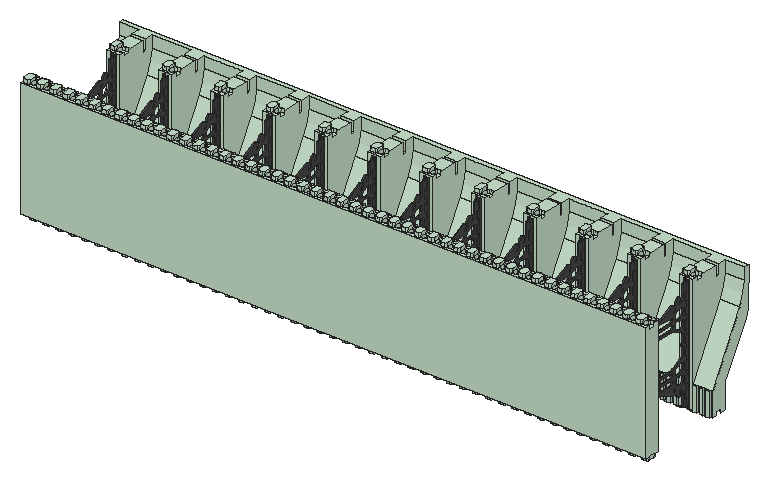
Revit family (continued)
Nested families (in)
  nested 79: "Interlock Tooth" at (21, -12.875, -18.5), type "Interlock Tooth"
  nested 80: "Interlock Tooth" at (23, -12.875, -18.5), type "Interlock Tooth"
  nested 81: "Interlock Tooth" at (25, -12.875, -18.5), type "Interlock Tooth"
  nested 82: "Interlock Tooth" at (27, -12.875, -18.5), type "Interlock Tooth"
  nested 83: "Interlock Tooth" at (29, -12.875, -18.5), type "Interlock Tooth"
  nested 84: "Interlock Tooth" at (31, -12.875, -18.5), type "Interlock Tooth"
  nested 85: "Interlock Tooth" at (33, -12.875, -18.5), type "Interlock Tooth"
  nested 86: "Interlock Tooth" at (35, -12.875, -18.5), type "Interlock Tooth"
  nested 87: "Interlock Tooth" at (37, -12.875, -18.5), type "Interlock Tooth"
  nested 88: "Interlock Tooth" at (39, -12.875, -18.5), type "Interlock Tooth"
  nested 89: "Interlock Tooth" at (41, -12.875, -18.5), type "Interlock Tooth"
  nested 90: "Interlock Tooth" at (43, -12.875, -18.5), type "Interlock Tooth"
  nested 91: "Interlock Tooth" at (45, -12.875, -18.5), type "Interlock Tooth"
  nested 92: "Interlock Tooth" at (47, -12.875, -18.5), type "Interlock Tooth"
  nested 93: "Interlock Tooth" at (49, -12.875, -18.5), type "Interlock Tooth"
  nested 94: "Interlock Tooth" at (51, -12.875, -18.5), type "Interlock Tooth"
  nested 95: "Interlock Tooth" at (53, -12.875, -18.5), type "Interlock Tooth"
  nested 96: "Interlock Tooth" at (55, -12.875, -18.5), type "Interlock Tooth"
  nested 97: "Interlock Tooth" at (57, -12.875, -18.5), type "Interlock Tooth"
  nested 98: "Interlock Tooth" at (59, -12.875, -18.5), type "Interlock Tooth"
  nested 99: "Interlock Tooth" at (61, -12.875, -18.5), type "Interlock Tooth"
  nested 100: "Interlock Tooth" at (63, -12.875, -18.5), type "Interlock Tooth"
  nested 101: "Interlock Tooth" at (65, -12.875, -18.5), type "Interlock Tooth"
  nested 102: "Interlock Tooth" at (67, -12.875, -18.5), type "Interlock Tooth"
  nested 103: "Interlock Tooth" at (69, -12.875, -18.5), type "Interlock Tooth"
  nested 104: "Interlock Tooth" at (71, -12.875, -18.5), type "Interlock Tooth"
  nested 105: "Interlock Tooth" at (73, -12.875, -18.5), type "Interlock Tooth"
  nested 106: "Interlock Tooth" at (75, -12.875, -18.5), type "Interlock Tooth"
  nested 107: "Interlock Tooth" at (77, -12.875, -18.5), type "Interlock Tooth"
  nested 108: "Interlock Tooth" at (79, -12.875, -18.5), type "Interlock Tooth"
  nested 109: "Interlock Tooth" at (81, -12.875, -18.5), type "Interlock Tooth"
  nested 110: "Interlock Tooth" at (83, -12.875, -18.5), type "Interlock Tooth"
  nested 111: "Interlock Tooth" at (85, -12.875, -18.5), type "Interlock Tooth"
  nested 112: "Interlock Tooth" at (87, -12.875, -18.5), type "Interlock Tooth"
  nested 113: "Interlock Tooth" at (89, -12.875, -18.5), type "Interlock Tooth"
  nested 114: "Interlock Tooth" at (91, -12.875, -18.5), type "Interlock Tooth"
  nested 115: "Interlock Tooth" at (93, -12.875, -18.5), type "Interlock Tooth"
  nested 116: "Interlock Tooth" at (95, -12.875, -18.5), type "Interlock Tooth"
  nested 117: "Interlock Tooth" at (0, 0, -18.5), type "Interlock Tooth"
  nested 118: "Interlock Tooth" at (2, 0, -18.5), type "Interlock Tooth"
  nested 119: "Interlock Tooth" at (4, 0, -18.5), type "Interlock Tooth"
  nested 120: "Interlock Tooth" at (6, 0, -18.5), type "Interlock Tooth"
  nested 121: "Interlock Tooth" at (8, 0, -18.5), type "Interlock Tooth"
  nested 122: "Interlock Tooth" at (10, 0, -18.5), type "Interlock Tooth"
  nested 123: "Interlock Tooth" at (12, 0, -18.5), type "Interlock Tooth"
  nested 124: "Interlock Tooth" at (14, 0, -18.5), type "Interlock Tooth"
  nested 125: "Interlock Tooth" at (16, 0, -18.5), type "Interlock Tooth"
  nested 126: "Interlock Tooth" at (18, 0, -18.5), type "Interlock Tooth"
  nested 127: "Interlock Tooth" at (20, 0, -18.5), type "Interlock Tooth"
  nested 128: "Interlock Tooth" at (22, 0, -18.5), type "Interlock Tooth"
  nested 129: "Interlock Tooth" at (24, 0, -18.5), type "Interlock Tooth"
  nested 130: "Interlock Tooth" at (26, 0, -18.5), type "Interlock Tooth"
  nested 131: "Interlock Tooth" at (28, 0, -18.5), type "Interlock Tooth"
  nested 132: "Interlock Tooth" at (30, 0, -18.5), type "Interlock Tooth"
  nested 133: "Interlock Tooth" at (32, 0, -18.5), type "Interlock Tooth"
  nested 134: "Interlock Tooth" at (34, 0, -18.5), type "Interlock Tooth"
  nested 135: "Interlock Tooth" at (36, 0, -18.5), type "Interlock Tooth"
  nested 136: "Interlock Tooth" at (38, 0, -18.5), type "Interlock Tooth"
  nested 137: "Interlock Tooth" at (40, 0, -18.5), type "Interlock Tooth"
  nested 138: "Interlock Tooth" at (42, 0, -18.5), type "Interlock Tooth"
  nested 139: "Interlock Tooth" at (44, 0, -18.5), type "Interlock Tooth"
  nested 140: "Interlock Tooth" at (46, 0, -18.5), type "Interlock Tooth"
  nested 141: "Interlock Tooth" at (48, 0, -18.5), type "Interlock Tooth"
  nested 142: "Interlock Tooth" at (50, 0, -18.5), type "Interlock Tooth"
  nested 143: "Interlock Tooth" at (52, 0, -18.5), type "Interlock Tooth"
  nested 144: "Interlock Tooth" at (54, 0, -18.5), type "Interlock Tooth"
  nested 145: "Interlock Tooth" at (56, 0, -18.5), type "Interlock Tooth"
  nested 146: "Interlock Tooth" at (58, 0, -18.5), type "Interlock Tooth"
  nested 147: "Interlock Tooth" at (60, 0, -18.5), type "Interlock Tooth"
  nested 148: "Interlock Tooth" at (62, 0, -18.5), type "Interlock Tooth"
  nested 149: "Interlock Tooth" at (64, 0, -18.5), type "Interlock Tooth"
  nested 150: "Interlock Tooth" at (66, 0, -18.5), type "Interlock Tooth"
  nested 151: "Interlock Tooth" at (68, 0, -18.5), type "Interlock Tooth"
  nested 152: "Interlock Tooth" at (70, 0, -18.5), type "Interlock Tooth"
  nested 153: "Interlock Tooth" at (72, 0, -18.5), type "Interlock Tooth"
  nested 154: "Interlock Tooth" at (74, 0, -18.5), type "Interlock Tooth"
  nested 155: "Interlock Tooth" at (76, 0, -18.5), type "Interlock Tooth"
  nested 156: "Interlock Tooth" at (78, 0, -18.5), type "Interlock Tooth"
  nested 157: "Interlock Tooth" at (80, 0, -18.5), type "Interlock Tooth"
  nested 158: "Interlock Tooth" at (82, 0, -18.5), type "Interlock Tooth"
  nested 159: "Interlock Tooth" at (84, 0, -18.5), type "Interlock Tooth"
  nested 160: "Interlock Tooth" at (86, 0, -18.5), type "Interlock Tooth"
  nested 161: "Interlock Tooth" at (88, 0, -18.5), type "Interlock Tooth"
  nested 162: "Interlock Tooth" at (90, 0, -18.5), type "Interlock Tooth"
  nested 163: "Interlock Tooth" at (92, 0, -18.5), type "Interlock Tooth"
  nested 164: "Interlock Tooth" at (94, 0, -18.5), type "Interlock Tooth"
  nested 165: "Interlock Tooth" at (0, 0, 0), type "Interlock Tooth", not visible
  nested 166: "Interlock Tooth" at (2, 0, 0), type "Interlock Tooth", not visible
  nested 167: "Interlock Tooth" at (4, 0, 0), type "Interlock Tooth", not visible
  nested 168: "Interlock Tooth" at (6, 0, 0), type "Interlock Tooth", not visible
  nested 169: "Interlock Tooth" at (8, 0, 0), type "Interlock Tooth", not visible
  nested 170: "Interlock Tooth" at (10, 0, 0), type "Interlock Tooth", not visible
  nested 171: "Interlock Tooth" at (12, 0, 0), type "Interlock Tooth", not visible
  nested 172: "Interlock Tooth" at (14, 0, 0), type "Interlock Tooth", not visible
  nested 173: "Interlock Tooth" at (16, 0, 0), type "Interlock Tooth", not visible
  nested 174: "Interlock Tooth" at (18, 0, 0), type "Interlock Tooth", not visible
  nested 175: "Interlock Tooth" at (20, 0, 0), type "Interlock Tooth", not visible
  nested 176: "Interlock Tooth" at (22, 0, 0), type "Interlock Tooth", not visible
  nested 177: "Interlock Tooth" at (24, 0, 0), type "Interlock Tooth", not visible
  nested 178: "Interlock Tooth" at (26, 0, 0), type "Interlock Tooth", not visible
  nested 179: "Interlock Tooth" at (28, 0, 0), type "Interlock Tooth", not visible
  nested 180: "Interlock Tooth" at (30, 0, 0), type "Interlock Tooth", not visible
  nested 181: "Interlock Tooth" at (32, 0, 0), type "Interlock Tooth", not visible
  nested 182: "Interlock Tooth" at (34, 0, 0), type "Interlock Tooth", not visible
  nested 183: "Interlock Tooth" at (36, 0, 0), type "Interlock Tooth", not visible
  nested 184: "Interlock Tooth" at (38, 0, 0), type "Interlock Tooth", not visible
  nested 185: "Interlock Tooth" at (40, 0, 0), type "Interlock Tooth", not visible
  nested 186: "Interlock Tooth" at (42, 0, 0), type "Interlock Tooth", not visible
  nested 187: "Interlock Tooth" at (44, 0, 0), type "Interlock Tooth", not visible
  nested 188: "Interlock Tooth" at (46, 0, 0), type "Interlock Tooth", not visible
  nested 189: "Interlock Tooth" at (48, 0, 0), type "Interlock Tooth", not visible
  nested 190: "Interlock Tooth" at (50, 0, 0), type "Interlock Tooth", not visible
  nested 191: "Interlock Tooth" at (52, 0, 0), type "Interlock Tooth", not visible
  nested 192: "Interlock Tooth" at (54, 0, 0), type "Interlock Tooth", not visible
  nested 193: "Interlock Tooth" at (56, 0, 0), type "Interlock Tooth", not visible
  nested 194: "Interlock Tooth" at (58, 0, 0), type "Interlock Tooth", not visible
  nested 195: "Interlock Tooth" at (60, 0, 0), type "Interlock Tooth", not visible
  nested 196: "Interlock Tooth" at (62, 0, 0), type "Interlock Tooth", not visible
  nested 197: "Interlock Tooth" at (64, 0, 0), type "Interlock Tooth", not visible
  nested 198: "Interlock Tooth" at (66, 0, 0), type "Interlock Tooth", not visible
  nested 199: "Interlock Tooth" at (68, 0, 0), type "Interlock Tooth", not visible
  nested 200: "Interlock Tooth" at (70, 0, 0), type "Interlock Tooth", not visible
  nested 201: "Interlock Tooth" at (72, 0, 0), type "Interlock Tooth", not visible
  nested 202: "Interlock Tooth" at (74, 0, 0), type "Interlock Tooth", not visible
  nested 203: "Interlock Tooth" at (76, 0, 0), type "Interlock Tooth", not visible
  nested 204: "Interlock Tooth" at (78, 0, 0), type "Interlock Tooth", not visible
  nested 205: "Interlock Tooth" at (80, 0, 0), type "Interlock Tooth", not visible
  nested 206: "Interlock Tooth" at (82, 0, 0), type "Interlock Tooth", not visible
  nested 207: "Interlock Tooth" at (84, 0, 0), type "Interlock Tooth", not visible
  nested 208: "Interlock Tooth" at (86, 0, 0), type "Interlock Tooth", not visible
  nested 209: "Interlock Tooth" at (88, 0, 0), type "Interlock Tooth", not visible
  nested 210: "Interlock Tooth" at (90, 0, 0), type "Interlock Tooth", not visible
  nested 211: "Interlock Tooth" at (92, 0, 0), type "Interlock Tooth", not visible
  nested 212: "Interlock Tooth" at (94, 0, 0), type "Interlock Tooth", not visible
  nested 213: "Interlock Tooth" at (1, 8.875, 0), type "Interlock Tooth", not visible
  nested 214: "Interlock Tooth" at (3, 8.875, 0), type "Interlock Tooth", not visible
  nested 215: "Interlock Tooth" at (5, 8.875, 0), type "Interlock Tooth", not visible
  nested 216: "Interlock Tooth" at (7, 8.875, 0), type "Interlock Tooth", not visible
  nested 217: "Interlock Tooth" at (9, 8.875, 0), type "Interlock Tooth", not visible
  nested 218: "Interlock Tooth" at (11, 8.875, 0), type "Interlock Tooth", not visible
  nested 219: "Interlock Tooth" at (13, 8.875, 0), type "Interlock Tooth", not visible
  nested 220: "Interlock Tooth" at (15, 8.875, 0), type "Interlock Tooth", not visible
  nested 221: "Interlock Tooth" at (17, 8.875, 0), type "Interlock Tooth", not visible
  nested 222: "Interlock Tooth" at (19, 8.875, 0), type "Interlock Tooth", not visible
  nested 223: "Interlock Tooth" at (21, 8.875, 0), type "Interlock Tooth", not visible
  nested 224: "Interlock Tooth" at (23, 8.875, 0), type "Interlock Tooth", not visible
  nested 225: "Interlock Tooth" at (25, 8.875, 0), type "Interlock Tooth", not visible
  nested 226: "Interlock Tooth" at (27, 8.875, 0), type "Interlock Tooth", not visible
  nested 227: "Interlock Tooth" at (29, 8.875, 0), type "Interlock Tooth", not visible
  nested 228: "Interlock Tooth" at (31, 8.875, 0), type "Interlock Tooth", not visible
  nested 229: "Interlock Tooth" at (33, 8.875, 0), type "Interlock Tooth", not visible
  nested 230: "Interlock Tooth" at (35, 8.875, 0), type "Interlock Tooth", not visible
  nested 231: "Interlock Tooth" at (37, 8.875, 0), type "Interlock Tooth", not visible
  nested 232: "Interlock Tooth" at (39, 8.875, 0), type "Interlock Tooth", not visible
  nested 233: "Interlock Tooth" at (41, 8.875, 0), type "Interlock Tooth", not visible
  nested 234: "Interlock Tooth" at (43, 8.875, 0), type "Interlock Tooth", not visible
  nested 235: "Interlock Tooth" at (45, 8.875, 0), type "Interlock Tooth", not visible
  nested 236: "Interlock Tooth" at (47, 8.875, 0), type "Interlock Tooth", not visible
  nested 237: "Interlock Tooth" at (49, 8.875, 0), type "Interlock Tooth", not visible
  nested 238: "Interlock Tooth" at (51, 8.875, 0), type "Interlock Tooth", not visible
  nested 239: "Interlock Tooth" at (53, 8.875, 0), type "Interlock Tooth", not visible
  nested 240: "Interlock Tooth" at (55, 8.875, 0), type "Interlock Tooth", not visible
  nested 241: "Interlock Tooth" at (57, 8.875, 0), type "Interlock Tooth", not visible
  nested 242: "Interlock Tooth" at (59, 8.875, 0), type "Interlock Tooth", not visible
  nested 243: "Interlock Tooth" at (61, 8.875, 0), type "Interlock Tooth", not visible
  nested 244: "Interlock Tooth" at (63, 8.875, 0), type "Interlock Tooth", not visible
  nested 245: "Interlock Tooth" at (65, 8.875, 0), type "Interlock Tooth", not visible
  nested 246: "Interlock Tooth" at (67, 8.875, 0), type "Interlock Tooth", not visible
  nested 247: "Interlock Tooth" at (69, 8.875, 0), type "Interlock Tooth", not visible
  nested 248: "Interlock Tooth" at (71, 8.875, 0), type "Interlock Tooth", not visible
  nested 249: "Interlock Tooth" at (73, 8.875, 0), type "Interlock Tooth", not visible
  nested 250: "Interlock Tooth" at (75, 8.875, 0), type "Interlock Tooth", not visible
  nested 251: "Interlock Tooth" at (77, 8.875, 0), type "Interlock Tooth", not visible
  nested 252: "Interlock Tooth" at (79, 8.875, 0), type "Interlock Tooth", not visible
  nested 253: "Interlock Tooth" at (81, 8.875, 0), type "Interlock Tooth", not visible
  nested 254: "Interlock Tooth" at (83, 8.875, 0), type "Interlock Tooth", not visible
  nested 255: "Interlock Tooth" at (85, 8.875, 0), type "Interlock Tooth", not visible
  nested 256: "Interlock Tooth" at (87, 8.875, 0), type "Interlock Tooth", not visible
  nested 257: "Interlock Tooth" at (89, 8.875, 0), type "Interlock Tooth", not visible
  nested 258: "Interlock Tooth" at (91, 8.875, 0), type "Interlock Tooth", not visible
  nested 259: "Interlock Tooth" at (93, 8.875, 0), type "Interlock Tooth", not visible
  nested 260: "Interlock Tooth" at (95, 8.875, 0), type "Interlock Tooth", not visible
  nested 261: "NUDURA Logo Diamond" at (0, -9.625, 0), type "NUDURA Logo Diamond"
  nested 262: "NUDURA Logo Diamond" at (24, -9.625, 0), type "NUDURA Logo Diamond"
  nested 263: "NUDURA Logo Diamond" at (48, -9.625, 0), type "NUDURA Logo Diamond"
  nested 264: "NUDURA Logo Diamond" at (72, -9.625, 0), type "NUDURA Logo Diamond"
  nested 265: "NUDURA Brick Ledge Diamond Pattern" at (88, 11.25, 0), type "NUDURA Brick Ledge Diamond Pattern"
  nested 266: "NUDURA Brick Ledge Diamond Pattern" at (80, 11.25, 0), type "NUDURA Brick Ledge Diamond Pattern"
  nested 267: "NUDURA Brick Ledge Diamond Pattern" at (72, 11.25, 0), type "NUDURA Brick Ledge Diamond Pattern"
  nested 268: "NUDURA Brick Ledge Diamond Pattern" at (64, 11.25, 0), type "NUDURA Brick Ledge Diamond Pattern"
  nested 269: "NUDURA Brick Ledge Diamond Pattern" at (56, 11.25, 0), type "NUDURA Brick Ledge Diamond Pattern"
  nested 270: "NUDURA Brick Ledge Diamond Pattern" at (48, 11.25, 0), type "NUDURA Brick Ledge Diamond Pattern"
  nested 271: "NUDURA Brick Ledge Diamond Pattern" at (40, 11.25, 0), type "NUDURA Brick Ledge Diamond Pattern"
  nested 272: "NUDURA Brick Ledge Diamond Pattern" at (32, 11.25, 0), type "NUDURA Brick Ledge Diamond Pattern"
  nested 273: "NUDURA Brick Ledge Diamond Pattern" at (24, 11.25, 0), type "NUDURA Brick Ledge Diamond Pattern"
  nested 274: "NUDURA Brick Ledge Diamond Pattern" at (16, 11.25, 0), type "NUDURA Brick Ledge Diamond Pattern"
  nested 275: "NUDURA Brick Ledge Diamond Pattern" at (8, 11.25, 0), type "NUDURA Brick Ledge Diamond Pattern"
  nested 276: "NUDURA Brick Ledge Diamond Pattern" at (0, 11.25, 0), type "NUDURA Brick Ledge Diamond Pattern"
  nested 277: "10-inch Insert Web" at (4, -2, 0), type "10-inch Insert Web"
  nested 278: "10-inch Insert Web" at (12, -2, 0), type "10-inch Insert Web"
  nested 279: "10-inch Insert Web" at (20, -2, 0), type "10-inch Insert Web"
  nested 280: "10-inch Insert Web" at (28, -2, 0), type "10-inch Insert Web"
  nested 281: "10-inch Insert Web" at (36, -2, 0), type "10-inch Insert Web"
  nested 282: "10-inch Insert Web" at (44, -2, 0), type "10-inch Insert Web"
  nested 283: "10-inch Insert Web" at (52, -2, 0), type "10-inch Insert Web"
  nested 284: "10-inch Insert Web" at (68, -2, 0), type "10-inch Insert Web"
  nested 285: "10-inch Insert Web" at (76, -2, 0), type "10-inch Insert Web"
  nested 286: "10-inch Insert Web" at (60, -2, 0), type "10-inch Insert Web"
  nested 287: "10-inch Insert Web" at (84, -2, 0), type "10-inch Insert Web"
  nested 288: "10-inch Insert Web" at (92, -2, 0), type "10-inch Insert Web"
Definition of nested family "Interlock Tooth"
  Reference planes (in)
    plane 1 "Center (Front/Back)": y = 0
    plane 2: z = 0
    plane 3 "Center (Left/Right)": x = 0
    plane 4: z = 18
    plane 5: z = 18.5
    plane 6: z = -0.5
  Forms (in)
    Extrusion 1, solid, material "NUDURA Expanded Polystyrene Foam Insulation"
      sketch origin (0, -8.875, 0) x (1, 0, 0) y (0, 1, 0)
        loop
          arc (0, 3.97692) -> (0.04785, 3.82983) -> (0.17308, 3.73905) r 0.25
          arc (0.17308, 3.73905) -> (0.5, 3.6875) -> (0.82692, 3.73905) r 1.0625
          arc (0.82692, 3.73905) -> (0.95215, 3.82983) -> (1, 3.97692) r 0.25
          line (1, 3.97692) -> (1, 4.89808)
          arc (1, 4.89808) -> (0.95215, 5.04517) -> (0.82692, 5.13595) r 0.25
          arc (0.82692, 5.13595) -> (0.5, 5.1875) -> (0.17308, 5.13595) r 1.0625
          arc (0.17308, 5.13595) -> (0.04785, 5.04517) -> (0, 4.89808) r 0.25
          line (0, 4.89808) -> (0, 3.97692)
      from 18 to 18.5
  Dimensions and locks (in)
    locked: plane 4 to level at 18
    locked: plane 4 to plane 5 at 0.5
    locked: plane 6 to level at 0.5
Definition of nested family "10-inch Insert Web"
  Reference planes (in)
    plane 1 "Center (Front/Back)": y = 0
    plane 2: z = 0
    plane 3 "Center (Left/Right)": x = 0
  Forms (in)
    Extrusion 1, solid, material "High Density Polystyrene"
      sketch origin (0, 0, 0) x (0, 1, 0) y (0, 0, 1)
        loop
          line (5.25, 0) -> (5.25, 17.74583)
          arc (5.25, 17.74583) -> (5.22112, 17.72608) -> (5.21, 17.69292) r 0.055
          line (5.21, 17.69292) -> (5.21, 0.05292)
          arc (5.21, 0.05292) -> (5.22112, 0.01975) -> (5.25, 0) r 0.055
        loop
          arc (-5.25, 0) -> (-5.22112, 0.01975) -> (-5.21, 0.05292) r 0.055
          line (-5.21, 0.05292) -> (-5.21, 17.69292)
          arc (-5.21, 17.69292) -> (-5.22112, 17.72608) -> (-5.25, 17.74583) r 0.055
          line (-5.25, 17.74583) -> (-5.25, 0)
      from 0.36328 to -0.36328
    Extrusion 2, solid, material "High Density Polystyrene"
      sketch origin (0, 0, 0) x (0, 1, 0) y (0, 0, 1)
        loop
          arc (5.18889, 17.40785) -> (5.20374, 17.40241) -> (5.21, 17.38789) r 0.02
          line (5.21, 17.38789) -> (5.21, 17.63668)
          arc (5.21, 17.63668) -> (5.20585, 17.62147) -> (5.19457, 17.61045) r 0.03
          line (5.19457, 17.61045) -> (5.12543, 17.57204)
          arc (5.12543, 17.57204) -> (5.11414, 17.56103) -> (5.11, 17.54582) r 0.03
          line (5.11, 17.54582) -> (5.11, 17.42461)
          arc (5.11, 17.42461) -> (5.11625, 17.41008) -> (5.13111, 17.40464) r 0.02
          line (5.13111, 17.40464) -> (5.18889, 17.40785)
        loop
          line (-5.12543, 17.57204) -> (-5.19457, 17.61045)
          arc (-5.19457, 17.61045) -> (-5.20585, 17.62147) -> (-5.21, 17.63668) r 0.03
          line (-5.21, 17.63668) -> (-5.21, 17.38789)
          arc (-5.21, 17.38789) -> (-5.20374, 17.40241) -> (-5.18889, 17.40785) r 0.02
          line (-5.18889, 17.40785) -> (-5.13111, 17.40464)
          arc (-5.13111, 17.40464) -> (-5.11625, 17.41008) -> (-5.11, 17.42461) r 0.02
          line (-5.11, 17.42461) -> (-5.11, 17.54582)
          arc (-5.11, 17.54582) -> (-5.11414, 17.56103) -> (-5.12543, 17.57204) r 0.03
        loop
          line (5.18889, 0.33798) -> (5.13111, 0.34119)
          arc (5.13111, 0.34119) -> (5.11625, 0.33575) -> (5.11, 0.32122) r 0.02
          line (5.11, 0.32122) -> (5.11, 0.20001)
          arc (5.11, 0.20001) -> (5.11414, 0.1848) -> (5.12543, 0.17379) r 0.03
          line (5.12543, 0.17379) -> (5.19457, 0.13538)
          arc (5.19457, 0.13538) -> (5.20585, 0.12437) -> (5.21, 0.10915) r 0.03
          line (5.21, 0.10915) -> (5.21, 0.35795)
          arc (5.21, 0.35795) -> (5.20374, 0.34342) -> (5.18889, 0.33798) r 0.02
        loop
          arc (-5.12543, 0.17379) -> (-5.11414, 0.1848) -> (-5.11, 0.20001) r 0.03
          line (-5.11, 0.20001) -> (-5.11, 0.32122)
          arc (-5.11, 0.32122) -> (-5.11625, 0.33575) -> (-5.13111, 0.34119) r 0.02
          line (-5.13111, 0.34119) -> (-5.18889, 0.33798)
          arc (-5.18889, 0.33798) -> (-5.20374, 0.34342) -> (-5.21, 0.35795) r 0.02
          line (-5.21, 0.35795) -> (-5.21, 0.10915)
          arc (-5.21, 0.10915) -> (-5.20585, 0.12437) -> (-5.19457, 0.13538) r 0.03
          line (-5.19457, 0.13538) -> (-5.12543, 0.17379)
        loop
          line (5, 17.20772) -> (4.925, 17.43772)
          arc (4.925, 17.43772) -> (4.875, 17.46772) -> (4.825, 17.43772) r 0.05667
          line (4.825, 17.43772) -> (4.77609, 17.28772) -> (4.64893, 17.28772)
          arc (4.64893, 17.28772) -> (4.61433, 17.27339) -> (4.6, 17.2388) r 0.04893
          line (4.6, 17.2388) -> (4.6, 17.20772) -> (4.5, 17.20772) -> (4.5, 15.75595)
          arc (4.5, 15.75595) -> (4.43087, 15.489) -> (4.24086, 15.28915) r 0.55
          arc (4.24086, 15.28915) -> (4.19232, 15.23289) -> (4.1843, 15.15901) r 0.125
          arc (4.1843, 15.15901) -> (3.73923, 14.83241) -> (3.77171, 15.3835) r 0.305
          arc (3.77171, 15.3835) -> (3.89426, 15.66948) -> (3.60829, 15.79202) r 0.22
          arc (3.60829, 15.79202) -> (3.25428, 15.49683) -> (3.14171, 15.04986) r 0.745
          arc (3.14171, 15.04986) -> (3.09808, 14.63491) -> (2.96932, 14.23805) r 2
          arc (2.96932, 14.23805) -> (2.47025, 14.23431) -> (2.63581, 14.70513) r 0.305
          arc (2.63581, 14.70513) -> (2.78874, 15.03658) -> (2.43743, 15.1357) r 0.24
          line (2.43743, 15.1357) -> (0.5, 14.2255)
          arc (0.5, 14.2255) -> (0.25681, 14.13776) -> (0, 14.10798) r 1.12236
          arc (0, 14.10798) -> (-0.25681, 14.13776) -> (-0.5, 14.2255) r 1.12236
          line (-0.5, 14.2255) -> (-2.43743, 15.1357)
          arc (-2.43743, 15.1357) -> (-2.78874, 15.03658) -> (-2.63581, 14.70513) r 0.24
          arc (-2.63581, 14.70513) -> (-2.47025, 14.23431) -> (-2.96932, 14.23805) r 0.305
          arc (-2.96932, 14.23805) -> (-3.09808, 14.63491) -> (-3.14171, 15.04986) r 2
          arc (-3.14171, 15.04986) -> (-3.25428, 15.49683) -> (-3.60829, 15.79202) r 0.745
          arc (-3.60829, 15.79202) -> (-3.89426, 15.66948) -> (-3.77171, 15.3835) r 0.22
          arc (-3.77171, 15.3835) -> (-3.73923, 14.83241) -> (-4.1843, 15.15901) r 0.305
          arc (-4.1843, 15.15901) -> (-4.19232, 15.23289) -> (-4.24086, 15.28915) r 0.125
          arc (-4.24086, 15.28915) -> (-4.43087, 15.489) -> (-4.5, 15.75595) r 0.55
          line (-4.5, 15.75595) -> (-4.5, 17.20772) -> (-4.6, 17.20772) -> (-4.6, 17.2388)
          arc (-4.6, 17.2388) -> (-4.61433, 17.27339) -> (-4.64893, 17.28772) r 0.04893
          line (-4.64893, 17.28772) -> (-4.77609, 17.28772) -> (-4.825, 17.43772)
          arc (-4.825, 17.43772) -> (-4.875, 17.46772) -> (-4.925, 17.43772) r 0.05667
          line (-4.925, 17.43772) -> (-5, 17.20772) -> (-5, 0.66519) -> (-4.925, 0.43519)
          arc (-4.925, 0.43519) -> (-4.875, 0.40519) -> (-4.825, 0.43519) r 0.05667
          line (-4.825, 0.43519) -> (-4.77609, 0.58519) -> (-4.64893, 0.58519)
          arc (-4.64893, 0.58519) -> (-4.61433, 0.59952) -> (-4.6, 0.63412) r 0.04893
          line (-4.6, 0.63412) -> (-4.6, 0.66519) -> (-4.5, 0.66519) -> (-4.5, 2.24405)
          arc (-4.5, 2.24405) -> (-4.43087, 2.511) -> (-4.24086, 2.71085) r 0.55
          arc (-4.24086, 2.71085) -> (-4.19232, 2.76711) -> (-4.1843, 2.84099) r 0.125
          arc (-4.1843, 2.84099) -> (-3.73923, 3.16759) -> (-3.77171, 2.6165) r 0.305
          arc (-3.77171, 2.6165) -> (-3.89426, 2.33052) -> (-3.60829, 2.20798) r 0.22
          arc (-3.60829, 2.20798) -> (-3.25428, 2.50317) -> (-3.14171, 2.95014) r 0.745
          arc (-3.14171, 2.95014) -> (-3.09808, 3.36509) -> (-2.96932, 3.76195) r 2
          arc (-2.96932, 3.76195) -> (-2.47025, 3.76569) -> (-2.63581, 3.29487) r 0.305
          arc (-2.63581, 3.29487) -> (-2.78874, 2.96342) -> (-2.43743, 2.8643) r 0.24
          line (-2.43743, 2.8643) -> (-0.5, 3.7745)
          arc (-0.5, 3.7745) -> (-0.25681, 3.86224) -> (0, 3.89202) r 1.12236
          arc (0, 3.89202) -> (0.25681, 3.86224) -> (0.5, 3.7745) r 1.12236
          line (0.5, 3.7745) -> (2.43743, 2.8643)
          arc (2.43743, 2.8643) -> (2.78874, 2.96342) -> (2.63581, 3.29487) r 0.24
          arc (2.63581, 3.29487) -> (2.47025, 3.76569) -> (2.96932, 3.76195) r 0.305
          arc (2.96932, 3.76195) -> (3.09808, 3.36509) -> (3.14171, 2.95014) r 2
          arc (3.14171, 2.95014) -> (3.25428, 2.50317) -> (3.60829, 2.20798) r 0.745
          arc (3.60829, 2.20798) -> (3.89426, 2.33052) -> (3.77171, 2.6165) r 0.22
          arc (3.77171, 2.6165) -> (3.73923, 3.16759) -> (4.1843, 2.84099) r 0.305
          arc (4.1843, 2.84099) -> (4.19232, 2.76711) -> (4.24086, 2.71085) r 0.125
          arc (4.24086, 2.71085) -> (4.43087, 2.511) -> (4.5, 2.24405) r 0.55
          line (4.5, 2.24405) -> (4.5, 0.66519) -> (4.6, 0.66519) -> (4.6, 0.63412)
          arc (4.6, 0.63412) -> (4.61433, 0.59952) -> (4.64893, 0.58519) r 0.04893
          line (4.64893, 0.58519) -> (4.77609, 0.58519) -> (4.825, 0.43519)
          arc (4.825, 0.43519) -> (4.875, 0.40519) -> (4.925, 0.43519) r 0.05667
          line (4.925, 0.43519) -> (5, 0.66519) -> (5, 17.20772)
        loop
          line (0, 13.70798) -> (-2.02401, 13.70798)
          arc (-2.02401, 13.70798) -> (-2.16288, 13.71227) -> (-2.30123, 13.72512) r 2.25
          arc (-2.30123, 13.72512) -> (-2.48146, 13.58635) -> (-2.6, 13.39222) r 0.62421
          line (-2.6, 13.39222) -> (-2.6, 13.26627)
          arc (-2.6, 13.26627) -> (-2.45481, 13.03646) -> (-2.225, 12.89127) r 0.61747
          line (-2.225, 12.89127) -> (0, 12.89127) -> (2.225, 12.89127)
          arc (2.225, 12.89127) -> (2.45481, 13.03646) -> (2.6, 13.26627) r 0.61747
          line (2.6, 13.26627) -> (2.6, 13.39222)
          arc (2.6, 13.39222) -> (2.48146, 13.58635) -> (2.30123, 13.72512) r 0.62421
          arc (2.30123, 13.72512) -> (2.16288, 13.71227) -> (2.02401, 13.70798) r 2.25
          line (2.02401, 13.70798) -> (0, 13.70798)
        loop
          line (0, 12.71127) -> (-2.22579, 12.71127)
          arc (-2.22579, 12.71127) -> (-2.4551, 12.56606) -> (-2.6, 12.33655) r 0.61747
          line (-2.6, 12.33655) -> (-2.6, 12.21055)
          arc (-2.6, 12.21055) -> (-2.48148, 12.01645) -> (-2.3013, 11.87769) r 0.62421
          arc (-2.3013, 11.87769) -> (-2.16251, 11.89062) -> (-2.02319, 11.89494) r 2.25
          line (-2.02319, 11.89494) -> (0, 11.89494) -> (2.02319, 11.89494)
          arc (2.02319, 11.89494) -> (2.16251, 11.89062) -> (2.3013, 11.87769) r 2.25
          arc (2.3013, 11.87769) -> (2.48148, 12.01645) -> (2.6, 12.21055) r 0.62421
          line (2.6, 12.21055) -> (2.6, 12.33655)
          arc (2.6, 12.33655) -> (2.4551, 12.56606) -> (2.22579, 12.71127) r 0.61747
          line (2.22579, 12.71127) -> (0, 12.71127)
        loop
          line (3.08806, 11.63079) -> (3.96605, 11.21989)
          arc (3.96605, 11.21989) -> (4.32627, 11.24313) -> (4.5, 11.55954) r 0.375
          line (4.5, 11.55954) -> (4.5, 12.08627)
          arc (4.5, 12.08627) -> (4.31694, 12.52821) -> (3.875, 12.71127) r 0.625
          line (3.875, 12.71127) -> (3.3, 12.71127)
          arc (3.3, 12.71127) -> (2.94645, 12.56482) -> (2.8, 12.21127) r 0.5
          line (2.8, 12.21127) -> (2.8, 12.08365)
          arc (2.8, 12.08365) -> (2.87812, 11.81529) -> (3.08806, 11.63079) r 0.5
        loop
          line (4.5, 13.51627) -> (4.5, 14.04299)
          arc (4.5, 14.04299) -> (4.32627, 14.35941) -> (3.96605, 14.38264) r 0.375
          line (3.96605, 14.38264) -> (3.08806, 13.97174)
          arc (3.08806, 13.97174) -> (2.87812, 13.78724) -> (2.8, 13.51888) r 0.5
          line (2.8, 13.51888) -> (2.8, 13.39127)
          arc (2.8, 13.39127) -> (2.94645, 13.03771) -> (3.3, 12.89127) r 0.5
          line (3.3, 12.89127) -> (3.875, 12.89127)
          arc (3.875, 12.89127) -> (4.31694, 13.07433) -> (4.5, 13.51627) r 0.625
        loop
          line (4.21194, 10.90608) -> (2.95372, 11.49492)
          arc (2.95372, 11.49492) -> (2.48851, 11.65338) -> (2, 11.70705) r 2.25
          line (2, 11.70705) -> (0, 11.70705) -> (-2, 11.70705)
          arc (-2, 11.70705) -> (-2.48851, 11.65338) -> (-2.95372, 11.49492) r 2.25
          line (-2.95372, 11.49492) -> (-4.21194, 10.90608)
          arc (-4.21194, 10.90608) -> (-4.42188, 10.72158) -> (-4.5, 10.45322) r 0.5
          line (-4.5, 10.45322) -> (-4.5, 9.31235) -> (-4.38, 9.11235) -> (-4.38, 9) -> (-4.38, 8.88765) -> (-4.5, 8.68765) -> (-4.5, 7.54678)
          arc (-4.5, 7.54678) -> (-4.42188, 7.27842) -> (-4.21194, 7.09392) r 0.5
          line (-4.21194, 7.09392) -> (-2.95372, 6.50508)
          arc (-2.95372, 6.50508) -> (-2.48851, 6.34662) -> (-2, 6.29295) r 2.25
          line (-2, 6.29295) -> (0, 6.29295) -> (2, 6.29295)
          arc (2, 6.29295) -> (2.48851, 6.34662) -> (2.95372, 6.50508) r 2.25
          line (2.95372, 6.50508) -> (4.21194, 7.09392)
          arc (4.21194, 7.09392) -> (4.42188, 7.27842) -> (4.5, 7.54678) r 0.5
          line (4.5, 7.54678) -> (4.5, 8.68765) -> (4.38, 8.88765) -> (4.38, 9) -> (4.38, 9.11235) -> (4.5, 9.31235) -> (4.5, 10.45322)
          arc (4.5, 10.45322) -> (4.42188, 10.72158) -> (4.21194, 10.90608) r 0.5
        loop
          arc (-3.08806, 11.63079) -> (-2.87812, 11.81529) -> (-2.8, 12.08365) r 0.5
          line (-2.8, 12.08365) -> (-2.8, 12.21127)
          arc (-2.8, 12.21127) -> (-2.94645, 12.56482) -> (-3.3, 12.71127) r 0.5
          line (-3.3, 12.71127) -> (-3.875, 12.71127)
          arc (-3.875, 12.71127) -> (-4.31694, 12.52821) -> (-4.5, 12.08627) r 0.625
          line (-4.5, 12.08627) -> (-4.5, 11.55954)
          arc (-4.5, 11.55954) -> (-4.32627, 11.24313) -> (-3.96605, 11.21989) r 0.375
          line (-3.96605, 11.21989) -> (-3.08806, 11.63079)
        loop
          arc (-4.5, 13.51627) -> (-4.31694, 13.07433) -> (-3.875, 12.89127) r 0.625
          line (-3.875, 12.89127) -> (-3.3, 12.89127)
          arc (-3.3, 12.89127) -> (-2.94645, 13.03771) -> (-2.8, 13.39127) r 0.5
          line (-2.8, 13.39127) -> (-2.8, 13.51888)
          arc (-2.8, 13.51888) -> (-2.87812, 13.78724) -> (-3.08806, 13.97174) r 0.5
          line (-3.08806, 13.97174) -> (-3.96605, 14.38264)
          arc (-3.96605, 14.38264) -> (-4.32627, 14.35941) -> (-4.5, 14.04299) r 0.375
          line (-4.5, 14.04299) -> (-4.5, 13.51627)
        loop
          line (0, 4.29202) -> (2.02401, 4.29202)
          arc (2.02401, 4.29202) -> (2.16288, 4.28773) -> (2.30123, 4.27488) r 2.25
          arc (2.30123, 4.27488) -> (2.48146, 4.41365) -> (2.6, 4.60778) r 0.62421
          line (2.6, 4.60778) -> (2.6, 4.73373)
          arc (2.6, 4.73373) -> (2.45481, 4.96354) -> (2.225, 5.10873) r 0.61747
          line (2.225, 5.10873) -> (0, 5.10873) -> (-2.225, 5.10873)
          arc (-2.225, 5.10873) -> (-2.45481, 4.96354) -> (-2.6, 4.73373) r 0.61747
          line (-2.6, 4.73373) -> (-2.6, 4.60778)
          arc (-2.6, 4.60778) -> (-2.48146, 4.41365) -> (-2.30123, 4.27488) r 0.62421
          arc (-2.30123, 4.27488) -> (-2.16288, 4.28773) -> (-2.02401, 4.29202) r 2.25
          line (-2.02401, 4.29202) -> (0, 4.29202)
        loop
          line (0, 5.28873) -> (2.22579, 5.28873)
          arc (2.22579, 5.28873) -> (2.4551, 5.43394) -> (2.6, 5.66345) r 0.61747
          line (2.6, 5.66345) -> (2.6, 5.78945)
          arc (2.6, 5.78945) -> (2.48148, 5.98355) -> (2.3013, 6.12231) r 0.62421
          arc (2.3013, 6.12231) -> (2.16251, 6.10938) -> (2.02319, 6.10506) r 2.25
          line (2.02319, 6.10506) -> (0, 6.10506) -> (-2.02319, 6.10506)
          arc (-2.02319, 6.10506) -> (-2.16251, 6.10938) -> (-2.3013, 6.12231) r 2.25
          arc (-2.3013, 6.12231) -> (-2.48148, 5.98355) -> (-2.6, 5.78945) r 0.62421
          line (-2.6, 5.78945) -> (-2.6, 5.66345)
          arc (-2.6, 5.66345) -> (-2.4551, 5.43394) -> (-2.22579, 5.28873) r 0.61747
          line (-2.22579, 5.28873) -> (0, 5.28873)
        loop
          arc (3.08806, 6.36921) -> (2.87812, 6.18471) -> (2.8, 5.91635) r 0.5
          line (2.8, 5.91635) -> (2.8, 5.78873)
          arc (2.8, 5.78873) -> (2.94645, 5.43518) -> (3.3, 5.28873) r 0.5
          line (3.3, 5.28873) -> (3.875, 5.28873)
          arc (3.875, 5.28873) -> (4.31694, 5.47179) -> (4.5, 5.91373) r 0.625
          line (4.5, 5.91373) -> (4.5, 6.44046)
          arc (4.5, 6.44046) -> (4.32627, 6.75687) -> (3.96605, 6.78011) r 0.375
          line (3.96605, 6.78011) -> (3.08806, 6.36921)
        loop
          arc (4.5, 4.48373) -> (4.31694, 4.92567) -> (3.875, 5.10873) r 0.625
          line (3.875, 5.10873) -> (3.3, 5.10873)
          arc (3.3, 5.10873) -> (2.94645, 4.96229) -> (2.8, 4.60873) r 0.5
          line (2.8, 4.60873) -> (2.8, 4.48112)
          arc (2.8, 4.48112) -> (2.87812, 4.21276) -> (3.08806, 4.02826) r 0.5
          line (3.08806, 4.02826) -> (3.96605, 3.61736)
          arc (3.96605, 3.61736) -> (4.32627, 3.64059) -> (4.5, 3.95701) r 0.375
          line (4.5, 3.95701) -> (4.5, 4.48373)
        loop
          line (-3.08806, 6.36921) -> (-3.96605, 6.78011)
          arc (-3.96605, 6.78011) -> (-4.32627, 6.75687) -> (-4.5, 6.44046) r 0.375
          line (-4.5, 6.44046) -> (-4.5, 5.91373)
          arc (-4.5, 5.91373) -> (-4.31694, 5.47179) -> (-3.875, 5.28873) r 0.625
          line (-3.875, 5.28873) -> (-3.3, 5.28873)
          arc (-3.3, 5.28873) -> (-2.94645, 5.43518) -> (-2.8, 5.78873) r 0.5
          line (-2.8, 5.78873) -> (-2.8, 5.91635)
          arc (-2.8, 5.91635) -> (-2.87812, 6.18471) -> (-3.08806, 6.36921) r 0.5
        loop
          line (-4.5, 4.48373) -> (-4.5, 3.95701)
          arc (-4.5, 3.95701) -> (-4.32627, 3.64059) -> (-3.96605, 3.61736) r 0.375
          line (-3.96605, 3.61736) -> (-3.08806, 4.02826)
          arc (-3.08806, 4.02826) -> (-2.87812, 4.21276) -> (-2.8, 4.48112) r 0.5
          line (-2.8, 4.48112) -> (-2.8, 4.60873)
          arc (-2.8, 4.60873) -> (-2.94645, 4.96229) -> (-3.3, 5.10873) r 0.5
          line (-3.3, 5.10873) -> (-3.875, 5.10873)
          arc (-3.875, 5.10873) -> (-4.31694, 4.92567) -> (-4.5, 4.48373) r 0.625
      from 0.125 to -0.125
    Extrusion 3, solid, material "High Density Polystyrene"
      sketch origin (0, 0, 0) x (0, 1, 0) y (0, 0, 1)
        loop
          line (5.21, 16.17792) -> (4.71, 16.17792) -> (4.71, 14.97792) -> (5.21, 14.97792) -> (5.21, 16.17792)
        loop
          line (5.21, 14.22792) -> (4.71, 14.22792) -> (4.71, 13.02792) -> (5.21, 13.02792) -> (5.21, 14.22792)
        loop
          line (5.21, 12.27792) -> (4.71, 12.27792) -> (4.71, 11.07792) -> (5.21, 11.07792) -> (5.21, 12.27792)
        loop
          line (5.21, 10.32792) -> (4.71, 10.32792) -> (4.71, 9.24792) -> (5.21, 9.24792) -> (5.21, 10.32792)
        loop
          line (5.21, 8.49792) -> (4.71, 8.49792) -> (4.71, 7.41792) -> (5.21, 7.41792) -> (5.21, 8.49792)
        loop
          line (5.21, 6.66792) -> (4.71, 6.66792) -> (4.71, 5.46792) -> (5.21, 5.46792) -> (5.21, 6.66792)
        loop
          line (5.21, 4.71792) -> (4.71, 4.71792) -> (4.71, 3.51792) -> (5.21, 3.51792) -> (5.21, 4.71792)
        loop
          line (5.21, 2.76792) -> (4.71, 2.76792) -> (4.71, 1.56792) -> (5.21, 1.56792) -> (5.21, 2.76792)
        loop
          line (-5.21, 16.17792) -> (-5.21, 14.97792) -> (-4.71, 14.97792) -> (-4.71, 16.17792) -> (-5.21, 16.17792)
        loop
          line (-5.21, 14.22792) -> (-5.21, 13.02792) -> (-4.71, 13.02792) -> (-4.71, 14.22792) -> (-5.21, 14.22792)
        loop
          line (-5.21, 12.27792) -> (-5.21, 11.07792) -> (-4.71, 11.07792) -> (-4.71, 12.27792) -> (-5.21, 12.27792)
        loop
          line (-5.21, 10.32792) -> (-5.21, 9.24792) -> (-4.71, 9.24792) -> (-4.71, 10.32792) -> (-5.21, 10.32792)
        loop
          line (-5.21, 8.49792) -> (-5.21, 7.41792) -> (-4.71, 7.41792) -> (-4.71, 8.49792) -> (-5.21, 8.49792)
        loop
          line (-5.21, 6.66792) -> (-5.21, 5.46792) -> (-4.71, 5.46792) -> (-4.71, 6.66792) -> (-5.21, 6.66792)
        loop
          line (-5.21, 4.71792) -> (-5.21, 3.51792) -> (-4.71, 3.51792) -> (-4.71, 4.71792) -> (-5.21, 4.71792)
        loop
          line (-5.21, 2.76792) -> (-5.21, 1.56792) -> (-4.71, 1.56792) -> (-4.71, 2.76792) -> (-5.21, 2.76792)
      from 0.25 to -0.25
    Extrusion 4, void
      sketch origin (0, 2, 0) x (1, 0, 0) y (0, 1, 0)
        loop
          line (-0.25, 2.79249) -> (-0.25, 2.71) -> (-0.1675, 2.71)
          arc (-0.1675, 2.71) -> (-0.22584, 2.73416) -> (-0.25, 2.79249) r 0.0825
      from 0 to 18
    Extrusion 5, void
      sketch origin (0, 2, 0) x (-1, 0, 0) y (0, -1, 0)
        loop
          arc (-0.25, -2.79249) -> (-0.22584, -2.73416) -> (-0.1675, -2.71) r 0.0825
          line (-0.1675, -2.71) -> (-0.25, -2.71) -> (-0.25, -2.79249)
      from 0 to 18
    Extrusion 6, void
      sketch origin (0, -2, 0) x (1, 0, 0) y (0, 1, 0)
        loop
          arc (-0.25, -2.79249) -> (-0.22584, -2.73416) -> (-0.1675, -2.71) r 0.0825
          line (-0.1675, -2.71) -> (-0.25, -2.71) -> (-0.25, -2.79249)
      from 0 to 18
    Extrusion 7, void
      sketch origin (0, -2, 0) x (-1, 0, 0) y (0, -1, 0)
        loop
          line (-0.25, 2.79249) -> (-0.25, 2.71) -> (-0.1675, 2.71)
          arc (-0.1675, 2.71) -> (-0.22584, 2.73416) -> (-0.25, 2.79249) r 0.0825
      from 0 to 18
  Cuts and joins
    Extrusion 4, Extrusion 5, Extrusion 6, Extrusion 7 cuts Extrusion 1
    Extrusion 4, Extrusion 5, Extrusion 6, Extrusion 7 cuts Extrusion 3
Definition of nested family "NUDURA Diamond Pattern"
  Reference planes (in)
    plane 1 "Center (Front/Back)": y = 0
    plane 2: z = 0
    plane 3 "Center (Left/Right)": x = 0
    plane 4: z = 18
  Lines and regions (in)
    model lines
      curve 1: line (8, -5.625, 18) -> (8, -5.625, 0)
      curve 2: line (6, -5.625, 18) -> (6, -5.625, 0)
      curve 3: line (2, -5.625, 18) -> (2, -5.625, 0)
      curve 4: line (3.35367, -5.625, 16.98484) -> (3.69709, -5.625, 16.64142)
      curve 5: arc (3.35367, -5.625, 17.51517) -> (3.24384, -5.625, 17.25) -> (3.35367, -5.625, 16.98484) r 0.375
      curve 6: line (3.72867, -5.625, 17.89017) -> (3.35367, -5.625, 17.51517)
      curve 7: arc (4.259, -5.625, 17.89017) -> (3.99384, -5.625, 18) -> (3.72867, -5.625, 17.89017) r 0.375
      curve 8: line (4.634, -5.625, 17.51517) -> (4.259, -5.625, 17.89017)
      curve 9: arc (4.634, -5.625, 16.98484) -> (4.74384, -5.625, 17.25) -> (4.634, -5.625, 17.51517) r 0.375
      curve 10: line (4.29059, -5.625, 16.64142) -> (4.634, -5.625, 16.98484)
      curve 11: arc (4.17062, -5.625, 17.80178) -> (3.99384, -5.625, 17.875) -> (3.81706, -5.625, 17.80178) r 0.25
      curve 12: line (4.54562, -5.625, 17.42678) -> (4.17062, -5.625, 17.80178)
      curve 13: arc (4.54562, -5.625, 17.07322) -> (4.61884, -5.625, 17.25) -> (4.54562, -5.625, 17.42678) r 0.25
      curve 14: line (4.17062, -5.625, 16.69822) -> (4.54562, -5.625, 17.07322)
      curve 15: arc (3.81706, -5.625, 16.69822) -> (3.99384, -5.625, 16.625) -> (4.17062, -5.625, 16.69822) r 0.25
      curve 16: line (3.44206, -5.625, 17.07322) -> (3.81706, -5.625, 16.69822)
      curve 17: arc (3.44206, -5.625, 17.42678) -> (3.36884, -5.625, 17.25) -> (3.44206, -5.625, 17.07322) r 0.25
      curve 18: line (3.81706, -5.625, 17.80178) -> (3.44206, -5.625, 17.42678)
      curve 19: arc (3.69709, -5.625, 16.35858) -> (3.75567, -5.625, 16.5) -> (3.69709, -5.625, 16.64142) r 0.2
      curve 20: line (4.634, -5.625, 16.01517) -> (4.29059, -5.625, 16.35858)
      curve 21: arc (4.634, -5.625, 15.48484) -> (4.74384, -5.625, 15.75) -> (4.634, -5.625, 16.01517) r 0.375
      curve 22: line (4.29059, -5.625, 15.14142) -> (4.634, -5.625, 15.48484)
      curve 23: line (3.35367, -5.625, 15.48484) -> (3.69709, -5.625, 15.14142)
      curve 24: arc (3.35367, -5.625, 16.01517) -> (3.24384, -5.625, 15.75) -> (3.35367, -5.625, 15.48484) r 0.375
      curve 25: line (3.69709, -5.625, 16.35858) -> (3.35367, -5.625, 16.01517)
      curve 26: arc (4.17062, -5.625, 16.30178) -> (3.99384, -5.625, 16.375) -> (3.81706, -5.625, 16.30178) r 0.25
      curve 27: line (3.81706, -5.625, 16.30178) -> (3.44206, -5.625, 15.92678)
      curve 28: arc (3.44206, -5.625, 15.92678) -> (3.36884, -5.625, 15.75) -> (3.44206, -5.625, 15.57322) r 0.25
      curve 29: line (3.44206, -5.625, 15.57322) -> (3.81706, -5.625, 15.19822)
      curve 30: arc (3.81706, -5.625, 15.19822) -> (3.99384, -5.625, 15.125) -> (4.17062, -5.625, 15.19822) r 0.25
      curve 31: line (4.17062, -5.625, 15.19822) -> (4.54562, -5.625, 15.57322)
      curve 32: arc (4.54562, -5.625, 15.57322) -> (4.61884, -5.625, 15.75) -> (4.54562, -5.625, 15.92678) r 0.25
      curve 33: line (4.54562, -5.625, 15.92678) -> (4.17062, -5.625, 16.30178)
      curve 34: arc (3.69709, -5.625, 14.85858) -> (3.75567, -5.625, 15) -> (3.69709, -5.625, 15.14142) r 0.2
      curve 35: line (4.634, -5.625, 14.51517) -> (4.29059, -5.625, 14.85858)
      curve 36: arc (4.634, -5.625, 13.98484) -> (4.74384, -5.625, 14.25) -> (4.634, -5.625, 14.51517) r 0.375
      curve 37: line (4.29059, -5.625, 13.64142) -> (4.634, -5.625, 13.98484)
      curve 38: line (3.35367, -5.625, 13.98484) -> (3.69709, -5.625, 13.64142)
      curve 39: arc (3.35367, -5.625, 14.51517) -> (3.24384, -5.625, 14.25) -> (3.35367, -5.625, 13.98484) r 0.375
      curve 40: line (3.69709, -5.625, 14.85858) -> (3.35367, -5.625, 14.51517)
      curve 41: arc (4.17062, -5.625, 14.80178) -> (3.99384, -5.625, 14.875) -> (3.81706, -5.625, 14.80178) r 0.25
      curve 42: line (3.81706, -5.625, 14.80178) -> (3.44206, -5.625, 14.42678)
      curve 43: arc (3.44206, -5.625, 14.42678) -> (3.36884, -5.625, 14.25) -> (3.44206, -5.625, 14.07322) r 0.25
      curve 44: line (3.44206, -5.625, 14.07322) -> (3.81706, -5.625, 13.69822)
      curve 45: arc (3.81706, -5.625, 13.69822) -> (3.99384, -5.625, 13.625) -> (4.17062, -5.625, 13.69822) r 0.25
      curve 46: line (4.17062, -5.625, 13.69822) -> (4.54562, -5.625, 14.07322)
      curve 47: arc (4.54562, -5.625, 14.07322) -> (4.61884, -5.625, 14.25) -> (4.54562, -5.625, 14.42678) r 0.25
      curve 48: line (4.54562, -5.625, 14.42678) -> (4.17062, -5.625, 14.80178)
      curve 49: arc (3.69709, -5.625, 13.35858) -> (3.75567, -5.625, 13.5) -> (3.69709, -5.625, 13.64142) r 0.2
      curve 50: line (4.634, -5.625, 13.01517) -> (4.29059, -5.625, 13.35858)
      curve 51: arc (4.634, -5.625, 12.48484) -> (4.74384, -5.625, 12.75) -> (4.634, -5.625, 13.01517) r 0.375
      curve 52: line (4.29059, -5.625, 12.14142) -> (4.634, -5.625, 12.48484)
      curve 53: line (3.35367, -5.625, 12.48484) -> (3.69709, -5.625, 12.14142)
      curve 54: arc (3.35367, -5.625, 13.01517) -> (3.24384, -5.625, 12.75) -> (3.35367, -5.625, 12.48484) r 0.375
      curve 55: line (3.69709, -5.625, 13.35858) -> (3.35367, -5.625, 13.01517)
      curve 56: arc (4.17062, -5.625, 13.30178) -> (3.99384, -5.625, 13.375) -> (3.81706, -5.625, 13.30178) r 0.25
      curve 57: line (3.81706, -5.625, 13.30178) -> (3.44206, -5.625, 12.92678)
      curve 58: arc (3.44206, -5.625, 12.92678) -> (3.36884, -5.625, 12.75) -> (3.44206, -5.625, 12.57322) r 0.25
      curve 59: line (3.44206, -5.625, 12.57322) -> (3.81706, -5.625, 12.19822)
      curve 60: arc (3.81706, -5.625, 12.19822) -> (3.99384, -5.625, 12.125) -> (4.17062, -5.625, 12.19822) r 0.25
      curve 61: line (4.17062, -5.625, 12.19822) -> (4.54562, -5.625, 12.57322)
      curve 62: arc (4.54562, -5.625, 12.57322) -> (4.61884, -5.625, 12.75) -> (4.54562, -5.625, 12.92678) r 0.25
      curve 63: line (4.54562, -5.625, 12.92678) -> (4.17062, -5.625, 13.30178)
      curve 64: arc (3.69709, -5.625, 11.85858) -> (3.75567, -5.625, 12) -> (3.69709, -5.625, 12.14142) r 0.2
      curve 65: line (4.634, -5.625, 11.51517) -> (4.29059, -5.625, 11.85858)
      curve 66: arc (4.634, -5.625, 10.98484) -> (4.74384, -5.625, 11.25) -> (4.634, -5.625, 11.51517) r 0.375
      curve 67: line (4.29059, -5.625, 10.64142) -> (4.634, -5.625, 10.98484)
      curve 68: line (3.35367, -5.625, 10.98484) -> (3.69709, -5.625, 10.64142)
      curve 69: arc (3.35367, -5.625, 11.51517) -> (3.24384, -5.625, 11.25) -> (3.35367, -5.625, 10.98484) r 0.375
      curve 70: line (3.69709, -5.625, 11.85858) -> (3.35367, -5.625, 11.51517)
      curve 71: arc (4.17062, -5.625, 11.80178) -> (3.99384, -5.625, 11.875) -> (3.81706, -5.625, 11.80178) r 0.25
      curve 72: line (3.81706, -5.625, 11.80178) -> (3.44206, -5.625, 11.42678)
      curve 73: arc (3.44206, -5.625, 11.42678) -> (3.36884, -5.625, 11.25) -> (3.44206, -5.625, 11.07322) r 0.25
      curve 74: line (3.44206, -5.625, 11.07322) -> (3.81706, -5.625, 10.69822)
      curve 75: arc (3.81706, -5.625, 10.69822) -> (3.99384, -5.625, 10.625) -> (4.17062, -5.625, 10.69822) r 0.25
      curve 76: line (4.17062, -5.625, 10.69822) -> (4.54562, -5.625, 11.07322)
      curve 77: arc (4.54562, -5.625, 11.07322) -> (4.61884, -5.625, 11.25) -> (4.54562, -5.625, 11.42678) r 0.25
      curve 78: line (4.54562, -5.625, 11.42678) -> (4.17062, -5.625, 11.80178)
      curve 79: arc (3.69709, -5.625, 10.35858) -> (3.75567, -5.625, 10.5) -> (3.69709, -5.625, 10.64142) r 0.2
      curve 80: line (4.634, -5.625, 10.01517) -> (4.29059, -5.625, 10.35858)
      curve 81: arc (4.634, -5.625, 9.48484) -> (4.74384, -5.625, 9.75) -> (4.634, -5.625, 10.01517) r 0.375
      curve 82: line (4.29059, -5.625, 9.14142) -> (4.634, -5.625, 9.48484)
      curve 83: line (3.35367, -5.625, 9.48484) -> (3.69709, -5.625, 9.14142)
      curve 84: arc (3.35367, -5.625, 10.01517) -> (3.24384, -5.625, 9.75) -> (3.35367, -5.625, 9.48484) r 0.375
      curve 85: line (3.69709, -5.625, 10.35858) -> (3.35367, -5.625, 10.01517)
      curve 86: arc (4.17062, -5.625, 10.30178) -> (3.99384, -5.625, 10.375) -> (3.81706, -5.625, 10.30178) r 0.25
      curve 87: line (3.81706, -5.625, 10.30178) -> (3.44206, -5.625, 9.92678)
      curve 88: arc (3.44206, -5.625, 9.92678) -> (3.36884, -5.625, 9.75) -> (3.44206, -5.625, 9.57322) r 0.25
      curve 89: line (3.44206, -5.625, 9.57322) -> (3.81706, -5.625, 9.19822)
      curve 90: arc (3.81706, -5.625, 9.19822) -> (3.99384, -5.625, 9.125) -> (4.17062, -5.625, 9.19822) r 0.25
      curve 91: line (4.17062, -5.625, 9.19822) -> (4.54562, -5.625, 9.57322)
      curve 92: arc (4.54562, -5.625, 9.57322) -> (4.61884, -5.625, 9.75) -> (4.54562, -5.625, 9.92678) r 0.25
      curve 93: line (4.54562, -5.625, 9.92678) -> (4.17062, -5.625, 10.30178)
      curve 94: arc (3.69709, -5.625, 8.85858) -> (3.75567, -5.625, 9) -> (3.69709, -5.625, 9.14142) r 0.2
      curve 95: line (4.634, -5.625, 8.51517) -> (4.29059, -5.625, 8.85858)
      curve 96: arc (4.634, -5.625, 7.98484) -> (4.74384, -5.625, 8.25) -> (4.634, -5.625, 8.51517) r 0.375
      curve 97: line (4.29059, -5.625, 7.64142) -> (4.634, -5.625, 7.98484)
      curve 98: line (3.35367, -5.625, 7.98484) -> (3.69709, -5.625, 7.64142)
      curve 99: arc (3.35367, -5.625, 8.51517) -> (3.24384, -5.625, 8.25) -> (3.35367, -5.625, 7.98484) r 0.375
      curve 100: line (3.69709, -5.625, 8.85858) -> (3.35367, -5.625, 8.51517)
      curve 101: arc (4.17062, -5.625, 8.80178) -> (3.99384, -5.625, 8.875) -> (3.81706, -5.625, 8.80178) r 0.25
      curve 102: line (3.81706, -5.625, 8.80178) -> (3.44206, -5.625, 8.42678)
      curve 103: arc (3.44206, -5.625, 8.42678) -> (3.36884, -5.625, 8.25) -> (3.44206, -5.625, 8.07322) r 0.25
      curve 104: line (3.44206, -5.625, 8.07322) -> (3.81706, -5.625, 7.69822)
      curve 105: arc (3.81706, -5.625, 7.69822) -> (3.99384, -5.625, 7.625) -> (4.17062, -5.625, 7.69822) r 0.25
      curve 106: line (4.17062, -5.625, 7.69822) -> (4.54562, -5.625, 8.07322)
      curve 107: arc (4.54562, -5.625, 8.07322) -> (4.61884, -5.625, 8.25) -> (4.54562, -5.625, 8.42678) r 0.25
      curve 108: line (4.54562, -5.625, 8.42678) -> (4.17062, -5.625, 8.80178)
      curve 109: arc (3.69709, -5.625, 7.35858) -> (3.75567, -5.625, 7.5) -> (3.69709, -5.625, 7.64142) r 0.2
      curve 110: line (4.634, -5.625, 7.01517) -> (4.29059, -5.625, 7.35858)
      curve 111: arc (4.634, -5.625, 6.48484) -> (4.74384, -5.625, 6.75) -> (4.634, -5.625, 7.01517) r 0.375
      curve 112: line (4.29059, -5.625, 6.14142) -> (4.634, -5.625, 6.48484)
      curve 113: line (3.35367, -5.625, 6.48484) -> (3.69709, -5.625, 6.14142)
      curve 114: arc (3.35367, -5.625, 7.01517) -> (3.24384, -5.625, 6.75) -> (3.35367, -5.625, 6.48484) r 0.375
      curve 115: line (3.69709, -5.625, 7.35858) -> (3.35367, -5.625, 7.01517)
      curve 116: arc (4.17062, -5.625, 7.30178) -> (3.99384, -5.625, 7.375) -> (3.81706, -5.625, 7.30178) r 0.25
      curve 117: line (3.81706, -5.625, 7.30178) -> (3.44206, -5.625, 6.92678)
      curve 118: arc (3.44206, -5.625, 6.92678) -> (3.36884, -5.625, 6.75) -> (3.44206, -5.625, 6.57322) r 0.25
      curve 119: line (3.44206, -5.625, 6.57322) -> (3.81706, -5.625, 6.19822)
      curve 120: arc (3.81706, -5.625, 6.19822) -> (3.99384, -5.625, 6.125) -> (4.17062, -5.625, 6.19822) r 0.25
      curve 121: line (4.17062, -5.625, 6.19822) -> (4.54562, -5.625, 6.57322)
      curve 122: arc (4.54562, -5.625, 6.57322) -> (4.61884, -5.625, 6.75) -> (4.54562, -5.625, 6.92678) r 0.25
      curve 123: line (4.54562, -5.625, 6.92678) -> (4.17062, -5.625, 7.30178)
      curve 124: arc (3.69709, -5.625, 5.85858) -> (3.75567, -5.625, 6) -> (3.69709, -5.625, 6.14142) r 0.2
      curve 125: line (4.634, -5.625, 5.51517) -> (4.29059, -5.625, 5.85858)
      curve 126: arc (4.634, -5.625, 4.98484) -> (4.74384, -5.625, 5.25) -> (4.634, -5.625, 5.51517) r 0.375
      curve 127: line (4.29059, -5.625, 4.64142) -> (4.634, -5.625, 4.98484)
      curve 128: line (3.35367, -5.625, 4.98484) -> (3.69709, -5.625, 4.64142)
      curve 129: arc (3.35367, -5.625, 5.51517) -> (3.24384, -5.625, 5.25) -> (3.35367, -5.625, 4.98484) r 0.375
      curve 130: line (3.69709, -5.625, 5.85858) -> (3.35367, -5.625, 5.51517)
      curve 131: arc (4.17062, -5.625, 5.80178) -> (3.99384, -5.625, 5.875) -> (3.81706, -5.625, 5.80178) r 0.25
      curve 132: line (3.81706, -5.625, 5.80178) -> (3.44206, -5.625, 5.42678)
      curve 133: arc (3.44206, -5.625, 5.42678) -> (3.36884, -5.625, 5.25) -> (3.44206, -5.625, 5.07322) r 0.25
      curve 134: line (3.44206, -5.625, 5.07322) -> (3.81706, -5.625, 4.69822)
      curve 135: arc (3.81706, -5.625, 4.69822) -> (3.99384, -5.625, 4.625) -> (4.17062, -5.625, 4.69822) r 0.25
      curve 136: line (4.17062, -5.625, 4.69822) -> (4.54562, -5.625, 5.07322)
      curve 137: arc (4.54562, -5.625, 5.07322) -> (4.61884, -5.625, 5.25) -> (4.54562, -5.625, 5.42678) r 0.25
      curve 138: line (4.54562, -5.625, 5.42678) -> (4.17062, -5.625, 5.80178)
      curve 139: arc (3.69709, -5.625, 4.35858) -> (3.75567, -5.625, 4.5) -> (3.69709, -5.625, 4.64142) r 0.2
      curve 140: line (4.634, -5.625, 4.01517) -> (4.29059, -5.625, 4.35858)
      curve 141: arc (4.634, -5.625, 3.48484) -> (4.74384, -5.625, 3.75) -> (4.634, -5.625, 4.01517) r 0.375
      curve 142: line (4.29059, -5.625, 3.14142) -> (4.634, -5.625, 3.48484)
      curve 143: line (3.35367, -5.625, 3.48484) -> (3.69709, -5.625, 3.14142)
      curve 144: arc (3.35367, -5.625, 4.01517) -> (3.24384, -5.625, 3.75) -> (3.35367, -5.625, 3.48484) r 0.375
      curve 145: line (3.69709, -5.625, 4.35858) -> (3.35367, -5.625, 4.01517)
      curve 146: arc (4.17062, -5.625, 4.30178) -> (3.99384, -5.625, 4.375) -> (3.81706, -5.625, 4.30178) r 0.25
      curve 147: line (3.81706, -5.625, 4.30178) -> (3.44206, -5.625, 3.92678)
      curve 148: arc (3.44206, -5.625, 3.92678) -> (3.36884, -5.625, 3.75) -> (3.44206, -5.625, 3.57322) r 0.25
      curve 149: line (3.44206, -5.625, 3.57322) -> (3.81706, -5.625, 3.19822)
      curve 150: arc (3.81706, -5.625, 3.19822) -> (3.99384, -5.625, 3.125) -> (4.17062, -5.625, 3.19822) r 0.25
      curve 151: line (4.17062, -5.625, 3.19822) -> (4.54562, -5.625, 3.57322)
      curve 152: arc (4.54562, -5.625, 3.57322) -> (4.61884, -5.625, 3.75) -> (4.54562, -5.625, 3.92678) r 0.25
      curve 153: line (4.54562, -5.625, 3.92678) -> (4.17062, -5.625, 4.30178)
      curve 154: arc (3.69709, -5.625, 2.85858) -> (3.75567, -5.625, 3) -> (3.69709, -5.625, 3.14142) r 0.2
      curve 155: line (4.634, -5.625, 2.51517) -> (4.29059, -5.625, 2.85858)
      curve 156: arc (4.634, -5.625, 1.98484) -> (4.74384, -5.625, 2.25) -> (4.634, -5.625, 2.51517) r 0.375
      curve 157: line (4.29059, -5.625, 1.64142) -> (4.634, -5.625, 1.98484)
      curve 158: line (3.35367, -5.625, 1.98484) -> (3.69709, -5.625, 1.64142)
      curve 159: arc (3.35367, -5.625, 2.51517) -> (3.24384, -5.625, 2.25) -> (3.35367, -5.625, 1.98484) r 0.375
      curve 160: line (3.69709, -5.625, 2.85858) -> (3.35367, -5.625, 2.51517)
      curve 161: arc (4.17062, -5.625, 2.80178) -> (3.99384, -5.625, 2.875) -> (3.81706, -5.625, 2.80178) r 0.25
      curve 162: line (3.81706, -5.625, 2.80178) -> (3.44206, -5.625, 2.42678)
      curve 163: arc (3.44206, -5.625, 2.42678) -> (3.36884, -5.625, 2.25) -> (3.44206, -5.625, 2.07322) r 0.25
      curve 164: line (3.44206, -5.625, 2.07322) -> (3.81706, -5.625, 1.69822)
      curve 165: arc (3.81706, -5.625, 1.69822) -> (3.99384, -5.625, 1.625) -> (4.17062, -5.625, 1.69822) r 0.25
      curve 166: line (4.17062, -5.625, 1.69822) -> (4.54562, -5.625, 2.07322)
      curve 167: arc (4.54562, -5.625, 2.07322) -> (4.61884, -5.625, 2.25) -> (4.54562, -5.625, 2.42678) r 0.25
      curve 168: line (4.54562, -5.625, 2.42678) -> (4.17062, -5.625, 2.80178)
      curve 169: arc (3.69709, -5.625, 1.35858) -> (3.75567, -5.625, 1.5) -> (3.69709, -5.625, 1.64142) r 0.2
      curve 170: line (3.69709, -5.625, 1.35858) -> (3.35367, -5.625, 1.01517)
      curve 171: arc (3.35367, -5.625, 1.01517) -> (3.24384, -5.625, 0.75) -> (3.35367, -5.625, 0.48484) r 0.375
      curve 172: line (3.35367, -5.625, 0.48484) -> (3.72867, -5.625, 0.10984)
      curve 173: arc (3.72867, -5.625, 0.10984) -> (3.99384, -5.625, 0) -> (4.259, -5.625, 0.10984) r 0.375
      curve 174: line (4.259, -5.625, 0.10984) -> (4.634, -5.625, 0.48484)
      curve 175: arc (4.634, -5.625, 0.48484) -> (4.74384, -5.625, 0.75) -> (4.634, -5.625, 1.01517) r 0.375
      curve 176: line (4.634, -5.625, 1.01517) -> (4.29059, -5.625, 1.35858)
      curve 177: arc (4.29059, -5.625, 1.64142) -> (4.23201, -5.625, 1.5) -> (4.29059, -5.625, 1.35858) r 0.2
      curve 178: arc (4.17062, -5.625, 1.30178) -> (3.99384, -5.625, 1.375) -> (3.81706, -5.625, 1.30178) r 0.25
      curve 179: line (4.54562, -5.625, 0.92678) -> (4.17062, -5.625, 1.30178)
      curve 180: arc (4.54562, -5.625, 0.57322) -> (4.61884, -5.625, 0.75) -> (4.54562, -5.625, 0.92678) r 0.25
      curve 181: line (4.17062, -5.625, 0.19822) -> (4.54562, -5.625, 0.57322)
      curve 182: arc (3.81706, -5.625, 0.19822) -> (3.99384, -5.625, 0.125) -> (4.17062, -5.625, 0.19822) r 0.25
      curve 183: line (3.44206, -5.625, 0.57322) -> (3.81706, -5.625, 0.19822)
      curve 184: arc (3.44206, -5.625, 0.92678) -> (3.36884, -5.625, 0.75) -> (3.44206, -5.625, 0.57322) r 0.25
      curve 185: line (3.81706, -5.625, 1.30178) -> (3.44206, -5.625, 0.92678)
      curve 186: arc (4.29059, -5.625, 3.14142) -> (4.23201, -5.625, 3) -> (4.29059, -5.625, 2.85858) r 0.2
      curve 187: arc (4.29059, -5.625, 4.64142) -> (4.23201, -5.625, 4.5) -> (4.29059, -5.625, 4.35858) r 0.2
